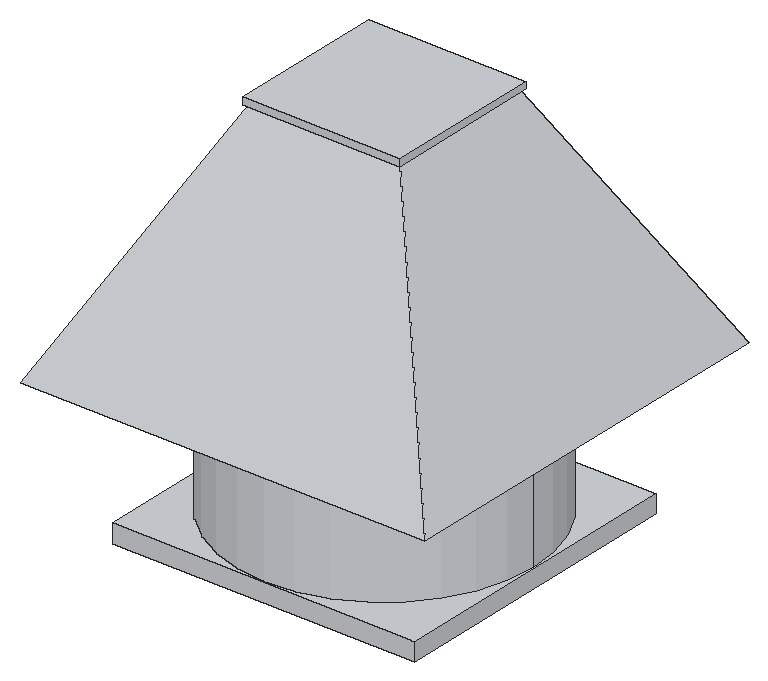
Revit family "BVN_BRCF", category Mechanical Equipment, host Face, Revit 2019
Family settings
  Host = Face
  Round Connector Dimension = Use Diameter
  Part Type = Normal
  Cut with Voids When Loaded = No
  Shared = No
  Room Calculation Point = No
Parameters (values of type "BRCF 800T")
  Weight = 216.00 kg
  URL = "http://www.bahcivanmotor.com.tr/index.php"
  Speed(d/d) = 1000
  Sound Pressure Level dB(A) = 67
  Qh = 389 mm
  Q = E - 10 mm  # 890 mm
  Protection Class = 55
  Power = 7500 W
  Voltage = 380 V
  Model = "BRCF"
  Material = none
  Manufacturer = "Bahçıvan Elektrik Motor San. ve Tic. Ltd. Şti."
  Kh = 709 mm
  Insulation Class = "F"
  G = 54 mm
  Frequency = 50 Hz
  E = 900 mm
  Description = "Roof Fan"
  Default Elevation = 1219.2 mm
  E' = 650 mm
  D' = D + 20 mm  # 470 mm
  D = 450 mm
  Current = 15.4 A
  Capacitor = 0
  C = 542 mm
  B = G + Qh + Kh + 20 mm  # 1172 mm
  Air Flow = 17000.0 m³/h
  A = 1205 mm
Types (17, lengths in mm): name | Weight | Speed(d/d) | Sound Pressure Level dB(A) | Qh | Q | Power | Voltage | Kh | G | E | D' | D | Current | Capacitor | C | B | Air Flow | A
  BRCF 280M | 35.00 kg | 1390 | 53 | 135 | 394 | 250 W | 230 V | 310 | 30 | 404 | 200 | 180 | 2.1 A | 10 | 165 | 495 | 1000.0 m³/h | 522
  BRCF 315M | 42.00 kg | 1380 | 53 | 160 | 444 | 250 W | 230 V | 345 | 30 | 454 | 240 | 220 | 2.1 A | 10 | 198 | 555 | 1950.0 m³/h | 595
  BRCF 355M | 50.00 kg | 1380 | 55 | 160 | 490 | 250 W | 230 V | 345 | 30 | 500 | 245 | 225 | 2.1 A | 10 | 234 | 555 | 2900.0 m³/h | 656
  BRCF 400M | 55.00 kg | 1390 | 60 | 170 | 490 | 370 W | 230 V | 365 | 30 | 500 | 245 | 225 | 3.4 A | 15 | 268 | 585 | 4000.0 m³/h | 656
  BRCF 450M | 62.00 kg | 1365 | 62 | 177 | 570 | 550 W | 230 V | 375 | 44 | 580 | 285 | 265 | 4.5 A | 20 | 303 | 616 | 5550.0 m³/h | 656
  BRCF 500M | 68.00 kg | 1410 | 64 | 190 | 630 | 1100 W | 230 V | 406 | 44 | 640 | 315 | 295 | 7.5 A | 35 | 342 | 660 | 8300.0 m³/h | 766
  BRCF 560M | 75.00 kg | 1420 | 66 | 211 | 690 | 2.2 W | 230 V | 448 | 44 | 700 | 345 | 325 | 14.2 A | 50 | 380 | 723 | 10800.0 m³/h | 828
  BRCF 630T | 127.00 kg | 1000 | 60 | 285 | 720 | 3000 W | 380 V | 563 | 54 | 730 | 420 | 400 | 6.6 A | 0 | 445 | 922 | 13000.0 m³/h | 997
  BRCF 710T | 150.00 kg | 1000 | 63 | 308 | 770 | 4000 W | 380 V | 609 | 54 | 780 | 445 | 425 | 8.4 A | 0 | 500 | 991 | 15000.0 m³/h | 1095
  BRCF 800T | 216.00 kg | 1000 | 67 | 389 | 890 | 7500 W | 380 V | 709 | 54 | 900 | 470 | 450 | 15.4 A | 0 | 542 | 1172 | 17000.0 m³/h | 1205
  BRCF 280T | 35.00 kg | 1380 | 53 | 135 | 394 | 250 W | 380 V | 310 | 30 | 404 | 200 | 180 | 0.87 A | 0 | 165 | 495 | 1000.0 m³/h | 522
  BRCF 315T | 42.00 kg | 1380 | 53 | 160 | 444 | 250 W | 380 V | 345 | 30 | 454 | 240 | 220 | 0.87 A | 0 | 198 | 555 | 1950.0 m³/h | 595
  BRCF 355T | 50.00 kg | 1380 | 55 | 160 | 490 | 250 W | 380 V | 345 | 30 | 500 | 245 | 225 | 0.87 A | 0 | 234 | 555 | 2900.0 m³/h | 656
  BRCF 400T | 55.00 kg | 1390 | 60 | 170 | 490 | 370 W | 380 V | 365 | 30 | 500 | 245 | 225 | 1.2 A | 0 | 268 | 585 | 4000.0 m³/h | 656
  BRCF 450T | 62.00 kg | 1365 | 62 | 177 | 570 | 550 W | 380 V | 375 | 44 | 580 | 285 | 265 | 1.6 A | 0 | 303 | 616 | 5550.0 m³/h | 656
  BRCF 500T | 68.00 kg | 1410 | 64 | 190 | 630 | 1100 W | 380 V | 406 | 44 | 640 | 315 | 295 | 2.6 A | 0 | 342 | 660 | 8300.0 m³/h | 766
  BRCF 560T | 75.00 kg | 1420 | 66 | 211 | 690 | 2200 W | 380 V | 448 | 44 | 700 | 345 | 325 | 4.9 A | 0 | 380 | 723 | 10800.0 m³/h | 828
Reference planes
  plane 1 "Center (Front/Back)": y = 0
  plane 2: z = 0
  plane 3 "Center (Left/Right)": x = 0
  plane 4: x = -602.5
  plane 5: y = 602.5
  plane 6: x = 602.5
  plane 7: y = -602.5
Forms (mm)
  Extrusion 1, solid, material <- "Material"
    sketch origin (0, 0, 0) x (1, 0, 0) y (0, 1, 0)
      loop
        line (-450, 450) -> (-450, -450) -> (450, -450) -> (450, 450) -> (-450, 450)
    from 0 to 54 <- "G"
  Extrusion 2, solid, material <- "Material"
    sketch origin (466.612, 174.822, 54) x (1, 0, 0) y (0, 1, 0)
      loop
        circle (-466.612, -174.822) r 445
    from 0 to 389 <- "Qh"
  Blend 3, solid, material <- "Material"
    base sketch origin (466.612, 174.822, 443) x (1, 0, 0) y (0, 1, 0)
      loop
        line (-1069.112, 427.678) -> (-1069.112, -777.322) -> (135.888, -777.322) -> (135.888, 427.678) -> (-1069.112, 427.678)
    top sketch origin (466.612, 174.822, 443) x (1, 0, 0) y (0, 1, 0)
      loop
        line (-691.612, 50.178) -> (-691.612, -399.822) -> (-241.612, -399.822) -> (-241.612, 50.178) -> (-691.612, 50.178)
    from 0 to 709 <- "Kh"
  Extrusion 4, solid
    sketch origin (466.612, 174.822, 1152) x (1, 0, 0) y (0, 1, 0)
      loop
        line (-701.612, 60.178) -> (-701.612, -409.822) -> (-231.612, -409.822) -> (-231.612, 60.178) -> (-701.612, 60.178)
    from 0 to 20
Dimensions and locks
  equal spacing: Blend 3 sketch curve, plane 1 "Center (Front/Back)", Blend 3 sketch curve  (x2)
  "A": Blend 3 sketch curve to Blend 3 sketch curve  (x2)
  equal spacing: Blend 3 sketch curve, plane 3 "Center (Left/Right)", Blend 3 sketch curve  (x2)
  "D": Blend 3 sketch curve to Blend 3 sketch curve  (x2)
  equal spacing: Extrusion 4 sketch curve, plane 1 "Center (Front/Back)", Extrusion 4 sketch curve
  equal spacing: Extrusion 4 sketch curve, plane 3 "Center (Left/Right)", Extrusion 4 sketch curve
  "D'": Extrusion 4 sketch curve to Extrusion 4 sketch curve  (x2)
  equal spacing: plane 5, plane 1 "Center (Front/Back)", plane 7
  "A": plane 5 to plane 7
  equal spacing: plane 4, plane 3 "Center (Left/Right)", plane 6
  "A": plane 4 to plane 6
  plane 1 "Center (Front/Back)" to Extrusion 2 sketch curve = 0 mm
  locked: plane 3 "Center (Left/Right)" to Extrusion 2 sketch curve
  equal spacing: Extrusion 1 sketch curve, plane 3 "Center (Left/Right)", Extrusion 1 sketch curve
  equal spacing: Extrusion 1 sketch curve, plane 1 "Center (Front/Back)", Extrusion 1 sketch curve
  "E": Extrusion 1 sketch curve to Extrusion 1 sketch curve  (x2)
  "Q": diameter of Extrusion 2 sketch curve
  aligned and locked: plane 2 to host face
  aligned and locked: level to host face
Automatic sketch dimensions
  host sketch curve to host sketch curve = 2438.4 mm  (x2)
Connectors
  hvac at (0, 0, 0), driven by "C"
    settings: on Extrusion 1, index 1, duct flow 0.0 m³/h, flow factor 0, pres drop 0.0 Pa, loss coef 0, conn angle 0.00°, conn width 304.8 mm, conn height 304.8 mm, conn diameter 542 mm, duct sys type 1, conn prof type 0, flow config 0, flow direction 0, loss method 0, conn ref index -1, conn util no, is conn primary yes, conn desc ""
  electrical at (450, 0, 27)
    settings: on Extrusion 1, index 2, voltage 0 V, apparent load 0 VA, apparent load phase1 0 VA, apparent load phase2 0 VA, apparent load phase3 0 VA, power factor 1, load classification "Other", number of poles 1, system type 14, power factor state 1, is connector primary yes, connector utility no, sub classification motor no, connector description ""
